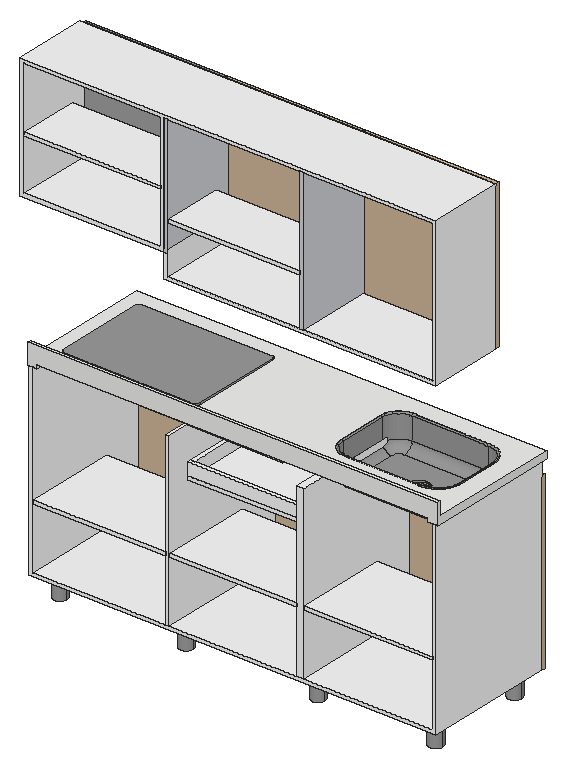
Revit family "O22401711 Cocina Soho derecha", category Generic Models, host Wall, Revit 2019 (continued)
Definition of nested family "Family9"
  Reference planes
    plane 7 "Center (F/F": y = 919.5
  Lines and regions (mm)
    detail lines, in view "Ref. Level"
      curve 1: line (-895, 94, 0) -> (895, 94, 0)
      curve 2: line (-895, 109, 0) -> (895, 109, 0)
      curve 3: line (-895, 919.5, 0) -> (895, 919.5, 0)
      curve 4: line (-880, 904.5, 0) -> (880, 904.5, 0)
      curve 5: line (-895, 94, 0) -> (-895, 919.5, 0)
      curve 6: line (-895, 769.5, 0) -> (895, 769.5, 0)
      curve 7: line (895, 919.5, 0) -> (895, 94, 0)
      curve 8: line (-880, 109, 0) -> (-880, 919.5, 0)
      curve 9: line (880, 919.5, 0) -> (880, 109, 0)
      curve 10: line (280.5, 769.5, 0) -> (280.5, 94, 0)
      curve 11: line (-280.5, 769.5, 0) -> (-280.5, 94, 0)
      curve 12: line (-860.8, 0, 0) -> (-860.8, 94, 0)
      curve 13: line (-800.8, 0, 0) -> (-800.8, 94, 0)
      curve 14: line (-860.8, 0, 0) -> (-800.8, 0, 0)
      curve 15: line (-304.36, 0, 0) -> (-304.36, 94, 0)
      curve 16: line (-244.36, 0, 0) -> (-244.36, 94, 0)
      curve 17: line (-304.36, 0, 0) -> (-244.36, 0, 0)
      curve 18: line (275.45, 0, 0) -> (275.45, 94, 0)
      curve 19: line (335.45, 0, 0) -> (335.45, 94, 0)
      curve 20: line (275.45, 0, 0) -> (335.45, 0, 0)
      curve 21: line (792.325, 0, 0) -> (792.325, 94, 0)
      curve 22: line (852.325, 0, 0) -> (852.325, 94, 0)
      curve 23: line (792.325, 0, 0) -> (852.325, 0, 0)
      curve 24: line (-880, 382, 0) -> (-295.5, 382, 0)
      curve 25: line (-880, 397, 0) -> (-295.5, 397, 0)
      curve 26: line (-273, 397, 0) -> (273, 397, 0)
      curve 27: line (-295.5, 397, 0) -> (-295.5, 382, 0)
      curve 28: line (-273, 397, 0) -> (-273, 382, 0)
      curve 29: line (-273, 382, 0) -> (273, 382, 0)
      curve 30: line (295.5, 397, 0) -> (880, 397, 0)
      curve 31: line (295.5, 382, 0) -> (880, 382, 0)
      curve 32: line (273, 397, 0) -> (273, 382, 0)
      curve 33: line (295.5, 397, 0) -> (295.5, 382, 0)
      curve 34: line (-280.5, 572.2, 0) -> (280.5, 572.2, 0)
      curve 35: line (-280.5, 557.2, 0) -> (280.5, 557.2, 0)
      curve 36: line (989.2, -525.061, 149) -> (989.2, -525.061, -551)
      curve 37: line (-800.8, -525.061, 129) -> (-800.8, -525.061, -551)
      curve 38: line (-216.3, -525.061, 149) -> (-216.3, -525.061, -511)
      curve 39: line (-186.11, -525.061, 149) -> (-186.11, -525.061, -511)
      curve 40: line (374.7, -525.061, 202) -> (374.7, -525.061, -458)
      curve 41: line (401.263, -525.061, 202) -> (401.262, -525.061, -458)
Definition of nested family "Family10"
  Reference planes
    plane 1 "Center (Front/Back)": y = 0
    plane 2: z = 0
    plane 3 "Center (Left/Right)": x = 0
  Lines and regions (mm)
    detail lines, in view "Ref. Level"
      curve 1: line (-18, 650, 0) -> (-1215, 650, 0)
      curve 2: line (-1215, 650, 0) -> (-1215, 0, 0)
      curve 3: line (-1215, 0, 0) -> (-18, 0, 0)
      curve 4: line (-18, 0, 0) -> (-18, 650, 0)
      curve 5: line (-18, 105, 0) -> (615, 105, 0)
      curve 6: line (615, 105, 0) -> (615, 650, 0)
      curve 7: line (615, 650, 0) -> (-18, 650, 0)
      curve 8: line (-1200, 15, 0) -> (-33, 15, 0)
      curve 9: line (-3, 120, 0) -> (600, 120, 0)
      curve 10: line (-33, 635, 0) -> (-1200, 635, 0)
      curve 11: line (600, 120, 0) -> (600, 635, 0)
      curve 12: line (-1200, 635, 0) -> (-1200, 15, 0)
      curve 13: line (-33, 15, 0) -> (-33, 635, 0)
      curve 14: line (-3, 120, 0) -> (-3, 635, 0)
      curve 15: line (600, 635, 0) -> (-3, 635, 0)
      curve 16: line (-616.5, 226, 0) -> (-33, 226, 0)
      curve 17: line (-616.5, 241, 0) -> (-33, 241, 0)
      curve 18: line (-616.5, 635, 0) -> (-616.5, 15, 0)
      curve 19: line (-631.5, 635, 0) -> (-631.5, 15, 0)
      curve 20: line (-3, 348, 0) -> (600, 348, 0)
      curve 21: line (-3, 363, 0) -> (600, 363, 0)
      curve 22: line (-624, 650, 0) -> (-624, 0, 0)
      curve 23: line (-624, 0, 0) -> (-18, 0, 0)
